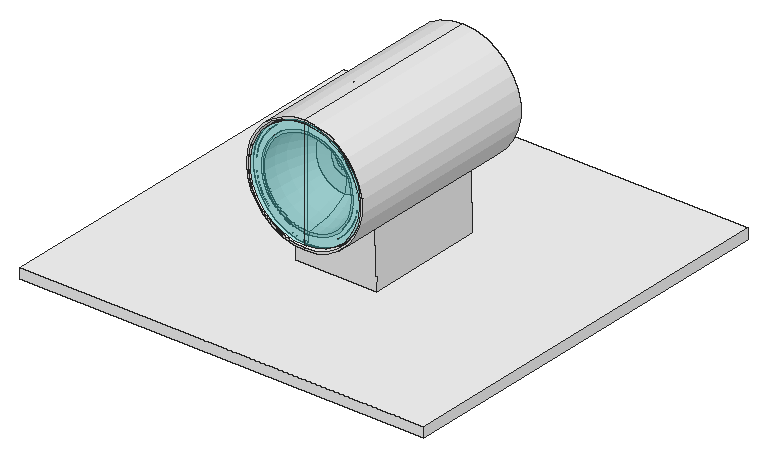
Revit family "BE_24728_de_DE", category Leuchten, Revit 2020
Family settings
  Basisbauteil = Fläche
  Bemaßung runder Anschluss = Durchmesser verwenden
  Teiletyp = Normal
  Beim Laden mit Abzugskörper schneiden = Ja
  Lichtquelle = Ja
  Gemeinsam genutzt = Nein
  Raumberechnungspunkt = Ja
Parameters (values of type "BEGA_24728_Weiß_K4")
  built-in parameter 1150104 = 17.198 (stored number, unit not read)
  Wattage = 8.4 W
  Default Elevation = 0 mm
  built-in parameter 1150113 = 1 (stored number, unit not read)
  built-in parameter 1114218 = 1 (stored number, unit not read)
  Umgebungstemperatur = "25 °C"
  URL = "https://www.bega.com/de/produkt/24728"
  Typenkommentare = "© 2022 BEGA. Wir behalten uns das Recht vor, technische Änderungen ohne vorherige Ankündigung vorzunehmen."  # constant formula
  built-in parameter 1150134 = 12
  built-in parameter 1150109 = 1 (stored number, unit not read)
  Strom = ""
  built-in parameter 1150110 = 1 (stored number, unit not read)
  Spannung = 239.996 V
  Sonderanfertigung = no
  Seriennummer [instance] = "Hier können Sie die eindeutige Seriennummer für das Facility Management eintragen."
  Schutzklasse = "I"
  Schutzart = "IP 65"
  Scheinlast = 0 VA
  Produktdatenblatt = "https://cdn.bega.com/bega/products/24728WK4/current/documents/data-sheets/de"
  Oberflächentemperatur = ""
  Neigungswinkel = 0.00°
  Modell = "24728WK4"
  Material_17 = BEGA_Reflektor
  Material_15 = BEGA_Leuchtmedium_matt
  Material_09 = BEGA_Glas_klar
  Material_06 = BEGA_Oberfläche_Edelstahl_gebürstet
  Material_04 = BEGA_Kunststoff_Grafit_matt
  Material_03 = BEGA_Oberfläche_Weiss_matt
  Material_02 = BEGA_Oberfläche_Silber_matt
  Material_01 [instance] = BEGA_Oberfläche_Grafit_matt
  M_W = yes
  M_G = no
  M_A = no
  Logo = 0
  built-in parameter 1114217 = 1 (stored number, unit not read)
  built-in parameter 1150139 = (empty or 0)
  built-in parameter 1150105 = 123.74 (stored number, unit not read)
  built-in parameter 1150114 = 1 (stored number, unit not read)
  Lumens = 1555.01 lm
  built-in parameter 1150115 = 1 (stored number, unit not read)
  Leuchtenlichtstrom = "1098 lm"
  Leuchtenanzahl = ""
  Lebensdauerkriterien = "L70B50 @ 25 °C = 115000 h"
  Lastklassifizierung = Beleuchtung
  built-in parameter 1150112 = 1 (stored number, unit not read)
  Lampenlichtstrom = "1555 lm"
  Lampe = "LED 8.4 W"
  LED_Modulbezeichnung = "LED-1145/840"
  built-in parameter 1150142 = (empty or 0)
  Hersteller = "BEGA"  # constant formula
  Halbstreuwinkel = ""
  Gewicht = "2.3 kg"
  Gebrauchslageneinschränkung [instance] = ""
  Frequenz = "0/50-60 Hz"
  Farbwiedergabeindex = "CRI > 80"
  Farbtemperaturverschiebung bei Dämpfen der Lampe = <Keine Auswahl>
  Farbtemperatur = "4000 K"
  Color Filter = 16777215
  built-in parameter 1150133 = 10 (stored number, unit not read)
  Energieeffizienzklasse = "LED A++ - A"
  built-in parameter 1150137 = (empty or 0)
  built-in parameter 1150132 = (empty or 0)
  ENEC = ""
  Dimmbar [instance] = ""
  Datei für fotometrisches Netz = "BE_24728K4.IES"
  CE_Konformität = "ja"
  Bestellnummer = "24728WK4"
  Beschreibung_Sonderanfertigung = "Hier können Sie Informationen zur Sonderanfertigung eintragen."
  Beschreibung = "Wandleuchte"
  built-in parameter 1150106 = 1.2374 (stored number, unit not read)
  Befestigungsbohrung = "Ø 4,4 mm"
  Befestigungsabstand = "60 x 95 mm"
  Ballwurfsicher = ""
  Anschlussleitung = ""
  Anschlussleistung [instance] = "10 W"
  Anschlusskasten = ""
  built-in parameter 1150107 = 4000 (stored number, unit not read)
  built-in parameter 1150102 = (empty or 0)
  built-in parameter 1150138 = (empty or 0)
  Aktualisierung = "2022-05-23T04:00:08"
  Abstand_zur_angestrahlten_Fläche [instance] = ""
  AC/DC = "AC/DC"
Types (6, lengths in mm): name | built-in parameter 1150104 | built-in parameter 1150134 | Modell | M_W | M_G | M_A | built-in parameter 1150105 | Lumens | Leuchtenlichtstrom | Lampenlichtstrom | LED_Modulbezeichnung | Farbtemperatur | Datei für fotometrisches Netz | Bestellnummer | built-in parameter 1150106 | built-in parameter 1150107
  BEGA_24728_Weiß_K4 | 17.198 (stored number, unit not read) | 12 | "24728WK4" | yes | no | no | 123.74 (stored number, unit not read) | 1555.01 lm | "1098 lm" | "1555 lm" | "LED-1145/840" | "4000 K" | "BE_24728K4.IES" | "24728WK4" | 1.2374 (stored number, unit not read) | 4000 (stored number, unit not read)
  BEGA_24728_Grafit_K3 | 16.369 (stored number, unit not read) | (empty or 0) | "24728K3" | no | yes | no | 117.77 (stored number, unit not read) | 1480 lm | "1045 lm" | "1480 lm" | "LED-1145/830" | "3000 K" | "BE_24728K3.IES" | "24728K3" | 1.1777 (stored number, unit not read) | 3000 (stored number, unit not read)
  BEGA_24728_Weiß_K3 | 16.369 (stored number, unit not read) | (empty or 0) | "24728WK3" | yes | no | no | 117.77 (stored number, unit not read) | 1480 lm | "1045 lm" | "1480 lm" | "LED-1145/830" | "3000 K" | "BE_24728K3.IES" | "24728WK3" | 1.1777 (stored number, unit not read) | 3000 (stored number, unit not read)
  BEGA_24728_Grafit_K4 | 17.198 (stored number, unit not read) | 12 | "24728K4" | no | yes | no | 123.74 (stored number, unit not read) | 1555.01 lm | "1098 lm" | "1555 lm" | "LED-1145/840" | "4000 K" | "BE_24728K4.IES" | "24728K4" | 1.2374 (stored number, unit not read) | 4000 (stored number, unit not read)
  BEGA_24728_Silber_K3 | 16.369 (stored number, unit not read) | (empty or 0) | "24728AK3" | no | no | yes | 117.77 (stored number, unit not read) | 1480 lm | "1045 lm" | "1480 lm" | "LED-1145/830" | "3000 K" | "BE_24728K3.IES" | "24728AK3" | 1.1777 (stored number, unit not read) | 3000 (stored number, unit not read)
  BEGA_24728_Silber_K4 | 17.198 (stored number, unit not read) | 12 | "24728AK4" | no | no | yes | 123.74 (stored number, unit not read) | 1555.01 lm | "1098 lm" | "1555 lm" | "LED-1145/840" | "4000 K" | "BE_24728K4.IES" | "24728AK4" | 1.2374 (stored number, unit not read) | 4000 (stored number, unit not read)
Reference planes
  plane 1 "Mitte (Vorne/Hinten)": y = 0
  plane 2: z = 0
  plane 3 "Mitte (Links/Rechts)": x = 0
  plane 4 "Links": x = -57.492
  plane 5 "Rechts": x = 57.492
  plane 6 "Unten": y = -97.7
  plane 7 "Oben": y = 97.5
  plane 8 "Vorne": z = 156.092
  plane 9 "Hinten": z = 0
Forms (mm)
  Extrusion 1, solid, material "BEGA_Platte_Weiss"
    sketch origin (0, -1119.2, 0) x (1, 0, 0) y (0, 1, 0)
      loop
        line (-200, 1319.2) -> (-200, 919.2) -> (200, 919.2) -> (200, 1319.2) -> (-200, 1319.2)
    from 0 to -10
  Extrusion 2, solid, material "BEGA_Dummy_matt", not visible
    sketch origin (80.095, -76.023, 0) x (1, 0, 0) y (0, 1, 0)
      loop
        line (-137.588, 173.523) -> (-137.588, -21.677) -> (-22.603, -21.677) -> (-22.603, 173.523) -> (-137.588, 173.523)
    from 0 to 156.092
Dimensions and locks
  plane 1 "Mitte (Vorne/Hinten)" to Extrusion 1 = 200 mm
  aligned and locked: Extrusion 1 to plane 2
  aligned and locked: level to Extrusion 1
Nested families
  nested 1: "BE_24728" at (0, 0, 0), type "BE_24728"
Connectors
  electrical at (0, 0, 0), driven by "Lastklassifizierung", driven by "Spannung", driven by "Scheinlast"
    settings: index 1, voltage 239.996 V, apparent load 0 VA, apparent load phase1 0 VA, apparent load phase2 0 VA, apparent load phase3 0 VA, power factor 1, load classification "Beleuchtung", number of poles 1, system type 31, power factor state 1, is connector primary yes, connector utility no, sub classification motor no, connector description ""
Definition of nested family "BE_24728"
  Parameters (values of type "BE_24728")
    Default Elevation = 1 mm
    URL = "http://www.bega.de/de/produkt"
    Type Comments = "© 2015 BEGA. Wir behalten uns das Recht vor, technische Änderungen ohne vorherige Ankündigung vorzunehmen. "  # constant formula
    Type Image = (empty or 0)
    Material_17 = none
    Material_15 = none
    Material_09 = none
    Material_04 = none
    Material_03 = none
    Material_02 = none
    Material_01 = none
    M_W = yes
    M_G = yes
    M_A = yes
    Länge_Platte = 200 mm  # constant formula
    Höhe_Platte = -10 mm  # constant formula
    Manufacturer = "BEGA"  # constant formula
    Breite_Platte = 200 mm  # constant formula
    Befestigungsabstand = ""
  Reference planes
    plane 1 "Mitte (Oben/Unten)": y = 0
    plane 2: z = 0
    plane 3 "Mitte (Links/Rechts)": x = 0
    plane 4: x = 57.492
    plane 5: y = -97.7
    plane 6: x = -57.492
    plane 7: z = 156.092
    plane 8: y = 97.5
  Forms (mm)
    Extrusion 1, solid, detail levels medium
      sketch origin (0, 0, 0) x (1, 0, 0) y (0, 1, 0)
        loop
          line (-100, 100) -> (-100, -100) -> (100, -100) -> (100, 100) -> (-100, 100)
      from 0 to -10 <- "Höhe_Platte"
    Revolve 2, solid, material <- "Material_01", visible <- "M_G"
      sketch origin (0, 0, 0) x (0, -1, 0) y (0, 0, 1)
        loop
          line (-97.5, 156.1) -> (-97.5, 98.6) -> (-93.6, 98.6) -> (-93.6, 150.093) -> (0, 146.824) -> (93.6, 150.093) -> (93.6, 153.062) -> (97.5, 154.482) -> (97.5, 156.1) -> (-97.5, 156.1)
        axis (97.5, 98.6) -> (-97.5, 98.6)
      angle from 0 to 360
    Extrusion 3, solid, material <- "Material_01", visible <- "M_G"
      sketch origin (0, 0, 0) x (1, 0, 0) y (0, 0, 1)
        loop
          line (-40, 1.3) -> (-36.849, 1.3) -> (-36.883, 0) -> (36.883, 0) -> (36.849, 1.3) -> (40, 1.3) -> (38.569, 55.954)
          arc (38.569, 55.954) -> (0, 41.1) -> (-38.569, 55.954) r 57.5
          line (-38.569, 55.954) -> (-40, 1.3)
      from -59 to 59
    Revolve 4, solid, material <- "Material_09"
      sketch origin (0, 0, 0) x (0, -1, 0) y (0, 0, 1)
        loop
          line (93.7, 152.6) -> (93.7, 98.6) -> (97.7, 98.6) -> (97.7, 152.6) -> (93.7, 152.6)
        axis (97.7, 98.6) -> (93.7, 98.6)
      angle from 0 to 360
    Revolve 5, solid, material <- "Material_17"
      sketch origin (0, 0, 0) x (0, -1, 0) y (0, 0, 1)
        loop
          line (93.3, 141.606) -> (93.3, 147.558) -> (92.1, 147.6) -> (92.1, 143.105)
          arc (92.1, 143.105) -> (68.562, 139.365) -> (47.619, 127.99) r 70.449
          line (47.619, 127.99) -> (45.1, 113.705) -> (45.1, 108.6) -> (46.305, 108.642) -> (46.305, 113.626) -> (48.728, 127.369)
          arc (48.728, 127.369) -> (69.719, 138.542) -> (93.3, 141.606) r 66.421
        axis (93.3, 98.6) -> (45.1, 98.6)
      angle from 0 to 360
    Revolve 6, solid, material <- "Material_15"
      sketch origin (0, 0, 0) x (0, -1, 0) y (0, 0, 1)
        loop
          line (42, 113.5) -> (42, 98.6) -> (43.55, 98.6) -> (43.55, 113.5) -> (42, 113.5)
        axis (43.55, 98.6) -> (42, 98.6)
      angle from 0 to 360
    Revolve 7, solid, material <- "Material_02", visible <- "M_A"
      sketch origin (0, 0, 0) x (0, -1, 0) y (0, 0, 1)
        loop
          line (-97.5, 156.1) -> (-97.5, 98.6) -> (-93.6, 98.6) -> (-93.6, 150.093) -> (0, 146.824) -> (93.6, 150.093) -> (93.6, 153.062) -> (97.5, 154.482) -> (97.5, 156.1) -> (-97.5, 156.1)
        axis (97.5, 98.6) -> (-97.5, 98.6)
      angle from 0 to 360
    Revolve 8, solid, material <- "Material_03", visible <- "M_W"
      sketch origin (0, 0, 0) x (0, -1, 0) y (0, 0, 1)
        loop
          line (-97.5, 156.1) -> (-97.5, 98.6) -> (-93.6, 98.6) -> (-93.6, 150.093) -> (0, 146.824) -> (93.6, 150.093) -> (93.6, 153.062) -> (97.5, 154.482) -> (97.5, 156.1) -> (-97.5, 156.1)
        axis (97.5, 98.6) -> (-97.5, 98.6)
      angle from 0 to 360
    Extrusion 9, solid, material <- "Material_02", visible <- "M_A"
      sketch origin (0, 0, 0) x (1, 0, 0) y (0, 0, 1)
        loop
          line (-40, 1.3) -> (-36.849, 1.3) -> (-36.883, 0) -> (36.883, 0) -> (36.849, 1.3) -> (40, 1.3) -> (38.569, 55.954)
          arc (38.569, 55.954) -> (0, 41.1) -> (-38.569, 55.954) r 57.5
          line (-38.569, 55.954) -> (-40, 1.3)
      from -59 to 59
    Extrusion 10, solid, material <- "Material_03", visible <- "M_W"
      sketch origin (0, 0, 0) x (1, 0, 0) y (0, 0, 1)
        loop
          line (-40, 1.3) -> (-36.849, 1.3) -> (-36.883, 0) -> (36.883, 0) -> (36.849, 1.3) -> (40, 1.3) -> (38.569, 55.954)
          arc (38.569, 55.954) -> (0, 41.1) -> (-38.569, 55.954) r 57.5
          line (-38.569, 55.954) -> (-40, 1.3)
      from -59 to 59
    Extrusion 11, void
      sketch origin (0, 0, 0) x (1, 0, 0) y (0, 1, 0)
        loop
          circle (-17.5, -22.5) r 5.096
        loop
          circle (17.5, -22.5) r 5.096
        loop
          line (-33.215, 49.478) -> (-33.215, 45.478)
          arc (-33.215, 45.478) -> (-30.989, 43.285) -> (-28.785, 45.5) r 2.215
          line (-28.785, 45.5) -> (-28.784, 49.5)
          arc (-28.784, 49.5) -> (-31.011, 51.715) -> (-33.215, 49.478) r 2.215
        loop
          arc (26.988, -45.285) -> (24.785, -47.506) -> (27, -49.715) r 2.215
          line (27, -49.715) -> (31, -49.715)
          arc (31, -49.715) -> (33.215, -47.494) -> (30.988, -45.285) r 2.215
          line (30.988, -45.285) -> (26.988, -45.285)
      from 0 to 13.138
    Extrusion 12, void
      sketch origin (0, 0, 0) x (0, 1, 0) y (0, 0, 1)
        loop
          line (59, 1.3) -> (56, 1.3) -> (56, 0) -> (59, 0) -> (59, 1.3)
        loop
          line (-59, 1.3) -> (-59, 0) -> (-56, 0) -> (-56, 1.3) -> (-59, 1.3)
      from -55.842 to 50.397
    Revolve 13, solid, material <- "Material_01", visible <- "M_G"
      sketch origin (0, 0, 0) x (0, 1, 0) y (0, 0, 1)
        loop
          line (-93.7, 152.6) -> (-93.7, 144.1) -> (-92.9, 144.1) -> (-92.9, 152.6) -> (-93.7, 152.6)
        axis (-93.7, 98.6) -> (-92.7, 98.6)
      angle from 0 to 360
    Revolve 14, solid, material <- "Material_02", visible <- "M_A"
      sketch origin (0, 0, 0) x (0, 1, 0) y (0, 0, 1)
        loop
          line (-93.7, 152.6) -> (-93.7, 144.1) -> (-92.9, 144.1) -> (-92.9, 152.6) -> (-93.7, 152.6)
        axis (-93.7, 98.6) -> (-92.7, 98.6)
      angle from 0 to 360
    Revolve 15, solid, material <- "Material_03", visible <- "M_W"
      sketch origin (0, 0, 0) x (0, 1, 0) y (0, 0, 1)
        loop
          line (-93.7, 152.6) -> (-93.7, 144.1) -> (-92.9, 144.1) -> (-92.9, 152.6) -> (-93.7, 152.6)
        axis (-93.7, 98.6) -> (-92.7, 98.6)
      angle from 0 to 360
  Cuts and joins
    Extrusion 11 cuts Revolve 2
    Extrusion 11, Extrusion 12 cuts Extrusion 3
    Extrusion 11 cuts Revolve 7
    Extrusion 11 cuts Revolve 8
    Extrusion 11, Extrusion 12 cuts Extrusion 9
    Extrusion 11, Extrusion 12 cuts Extrusion 10
  Dimensions and locks
    equal spacing: Extrusion 1 sketch curve, plane 3 "Mitte (Links/Rechts)", Extrusion 1 sketch curve
    equal spacing: Extrusion 1 sketch curve, plane 1 "Mitte (Oben/Unten)", Extrusion 1 sketch curve
    "Länge_Platte": Extrusion 1 sketch curve to Extrusion 1 sketch curve
    "Breite_Platte": Extrusion 1 sketch curve to Extrusion 1 sketch curve
    aligned and locked: Extrusion 1 to plane 2
    aligned and locked: level to Extrusion 1
  Automatic sketch dimensions
    Extrusion 3 sketch curve to level = 0 mm
    level to Extrusion 3 sketch curve = 1.3 mm  (x2)
    level to Extrusion 3 sketch curve = 55.954 mm  (x2)
    Extrusion 3 sketch curve to Extrusion 3 sketch curve = 1.431 mm
    Extrusion 3 sketch curve to Extrusion 3 sketch curve = 3.117 mm
    Extrusion 3 sketch curve to Extrusion 3 sketch curve = 0.034 mm  (x2)
    Extrusion 3 sketch curve to Extrusion 3 sketch curve = 38.569 mm
    Extrusion 3 sketch curve to Extrusion 3 sketch curve = 73.698 mm
    Extrusion 3 sketch curve to Extrusion 3 sketch curve = 3.151 mm
    Extrusion 3 sketch curve to Extrusion 3 sketch curve = 42.646 mm
    Revolve 4 sketch curve to plane 1 "Mitte (Oben/Unten)" = 93.7 mm
    Revolve 4 sketch curve to Revolve 4 sketch curve = 4 mm
    Revolve 4 sketch curve to level = 98.6 mm
    Revolve 4 sketch curve to Revolve 4 sketch curve = 54 mm
    Revolve 4 sketch curve to plane 1 "Mitte (Oben/Unten)" = 43.1 mm
    Revolve 4 sketch curve to Revolve 4 sketch curve = 1.6 mm
    Revolve 4 sketch curve to Revolve 4 sketch curve = 0 mm
    Revolve 5 sketch curve to plane 1 "Mitte (Oben/Unten)" = 45.1 mm
    Revolve 5 sketch curve to Revolve 5 sketch curve = 1.205 mm
    Revolve 5 sketch curve to Revolve 5 sketch curve = 1.314 mm
    Revolve 5 sketch curve to Revolve 5 sketch curve = 1.109 mm
    Revolve 5 sketch curve to Revolve 5 sketch curve = 43.625 mm
    Revolve 5 sketch curve to Revolve 5 sketch curve = 1.299 mm
    Revolve 5 sketch curve to Revolve 5 sketch curve = 43.372 mm
    Revolve 5 sketch curve to Revolve 5 sketch curve = 1.2 mm
    Revolve 5 sketch curve to level = 72.662 mm
    Revolve 5 sketch curve to Revolve 5 sketch curve = 2.609 mm
    Revolve 5 sketch curve to Revolve 5 sketch curve = 33.329 mm
    Revolve 5 sketch curve to Revolve 5 sketch curve = 0.042 mm  (x2)
    Revolve 5 sketch curve to Revolve 5 sketch curve = 4.984 mm
    Revolve 5 sketch curve to Revolve 5 sketch curve = 0.079 mm
    Revolve 5 sketch curve to Revolve 5 sketch curve = 13.743 mm
    Revolve 5 sketch curve to Revolve 5 sketch curve = 0.621 mm
    Revolve 5 sketch curve to Revolve 5 sketch curve = 4.453 mm
    Revolve 5 sketch curve to Revolve 5 sketch curve = 2 mm
    Revolve 5 sketch curve to Revolve 5 sketch curve = 5.37 mm
    Revolve 5 sketch curve to Revolve 5 sketch curve = 23.329 mm
    Revolve 6 sketch curve to plane 1 "Mitte (Oben/Unten)" = 42 mm
    Revolve 6 sketch curve to Revolve 6 sketch curve = 1.55 mm
    Revolve 6 sketch curve to level = 98.6 mm
    Revolve 6 sketch curve to Revolve 6 sketch curve = 14.9 mm
    Revolve 6 sketch curve to Revolve 6 sketch curve = 0.45 mm
    Revolve 6 sketch curve to Revolve 6 sketch curve = 51.75 mm
    Revolve 6 sketch curve to Revolve 6 sketch curve = 0 mm
    Extrusion 9 sketch curve to level = 0 mm
    level to Extrusion 9 sketch curve = 1.3 mm  (x2)
    level to Extrusion 9 sketch curve = 55.954 mm  (x2)
    Extrusion 9 sketch curve to Extrusion 9 sketch curve = 1.431 mm
    Extrusion 9 sketch curve to Extrusion 9 sketch curve = 3.117 mm
    Extrusion 9 sketch curve to Extrusion 9 sketch curve = 0.034 mm  (x2)
    Extrusion 9 sketch curve to Extrusion 9 sketch curve = 38.569 mm
    Extrusion 9 sketch curve to Extrusion 9 sketch curve = 73.698 mm
    Extrusion 9 sketch curve to Extrusion 9 sketch curve = 3.151 mm
    Extrusion 9 sketch curve to Extrusion 9 sketch curve = 42.646 mm
    Extrusion 10 sketch curve to level = 0 mm
    level to Extrusion 10 sketch curve = 1.3 mm  (x2)
    level to Extrusion 10 sketch curve = 55.954 mm  (x2)
    Extrusion 10 sketch curve to Extrusion 10 sketch curve = 1.431 mm
    Extrusion 10 sketch curve to Extrusion 10 sketch curve = 3.117 mm
    Extrusion 10 sketch curve to Extrusion 10 sketch curve = 0.034 mm  (x2)
    Extrusion 10 sketch curve to Extrusion 10 sketch curve = 38.569 mm
    Extrusion 10 sketch curve to Extrusion 10 sketch curve = 73.698 mm
    Extrusion 10 sketch curve to Extrusion 10 sketch curve = 3.151 mm
    Extrusion 10 sketch curve to Extrusion 10 sketch curve = 42.646 mm
    Extrusion 11 sketch curve to plane 3 "Mitte (Links/Rechts)" = 17.5 mm
    plane 3 "Mitte (Links/Rechts)" to Extrusion 11 sketch curve = 17.5 mm
    plane 1 "Mitte (Oben/Unten)" to Extrusion 11 sketch curve = 22.5 mm  (x2)
    Extrusion 11 sketch curve to plane 3 "Mitte (Links/Rechts)" = 31 mm
    Extrusion 11 sketch curve to Extrusion 11 sketch curve = 2.215 mm  (x4)
    Extrusion 11 sketch curve to plane 1 "Mitte (Oben/Unten)" = 49.5 mm
    Extrusion 11 sketch curve to Extrusion 11 sketch curve = 0.022 mm  (x2)
    Extrusion 11 sketch curve to Extrusion 11 sketch curve = 4 mm  (x2)
    Extrusion 11 sketch curve to Extrusion 11 sketch curve = 0 mm  (x8)
    Extrusion 11 sketch curve to Extrusion 11 sketch curve = 13.5 mm
    Extrusion 11 sketch curve to Extrusion 11 sketch curve = 0.012 mm  (x2)
    Extrusion 11 sketch curve to Extrusion 11 sketch curve = 22.785 mm
    Extrusion 12 sketch curve to level = 0 mm  (x2)
    level to Extrusion 12 sketch curve = 1.3 mm  (x2)
    plane 5 to Extrusion 12 sketch curve = 38.7 mm
    Extrusion 12 sketch curve to Extrusion 12 sketch curve = 3 mm  (x2)
    Revolve 8 sketch curve to plane 1 "Mitte (Oben/Unten)" = 0 mm
    plane 7 to Revolve 8 sketch curve = 0.008 mm
    plane 5 to Revolve 8 sketch curve = 4.1 mm
    plane 5 to Revolve 8 sketch curve = 0.2 mm
    Revolve 8 sketch curve to plane 7 = 1.61 mm
    Revolve 8 sketch curve to plane 7 = 3.03 mm
    Revolve 8 sketch curve to plane 7 = 5.999 mm
    Revolve 8 sketch curve to Revolve 8 sketch curve = 2.969 mm
    Revolve 8 sketch curve to plane 7 = 9.267 mm
    plane 5 to Revolve 8 sketch curve = 2.4 mm
    Revolve 8 sketch curve to Revolve 8 sketch curve = 51.493 mm  (x2)
    Revolve 7 sketch curve to plane 1 "Mitte (Oben/Unten)" = 0 mm
    plane 5 to Revolve 7 sketch curve = 4.1 mm
    plane 7 to Revolve 7 sketch curve = 0.008 mm
    plane 5 to Revolve 7 sketch curve = 0.2 mm
    Revolve 7 sketch curve to plane 7 = 1.61 mm
    Revolve 7 sketch curve to plane 7 = 3.03 mm
    Revolve 7 sketch curve to plane 7 = 5.999 mm
    Revolve 7 sketch curve to Revolve 7 sketch curve = 2.969 mm
    Revolve 7 sketch curve to plane 7 = 9.267 mm
    Revolve 7 sketch curve to Revolve 7 sketch curve = 51.493 mm  (x2)
    plane 1 "Mitte (Oben/Unten)" to Revolve 7 sketch curve = 43.1 mm
    plane 5 to Revolve 7 sketch curve = 2.4 mm
    Revolve 2 sketch curve to plane 1 "Mitte (Oben/Unten)" = 0 mm
    plane 5 to Revolve 2 sketch curve = 4.1 mm
    plane 7 to Revolve 2 sketch curve = 0.008 mm
    plane 5 to Revolve 2 sketch curve = 0.2 mm
    Revolve 2 sketch curve to plane 7 = 1.61 mm
    Revolve 2 sketch curve to plane 7 = 3.03 mm
    Revolve 2 sketch curve to plane 7 = 5.999 mm
    Revolve 2 sketch curve to Revolve 2 sketch curve = 2.969 mm
    Revolve 2 sketch curve to plane 7 = 9.267 mm
    Revolve 2 sketch curve to Revolve 2 sketch curve = 51.493 mm  (x2)
    plane 1 "Mitte (Oben/Unten)" to Revolve 2 sketch curve = 43.1 mm
    plane 5 to Revolve 2 sketch curve = 2.4 mm
    Revolve 2 sketch curve to plane 1 "Mitte (Oben/Unten)" = 93.6 mm
    Revolve 2 sketch curve to Revolve 2 sketch curve = 3.9 mm
    Revolve 7 sketch curve to plane 1 "Mitte (Oben/Unten)" = 93.6 mm
    Revolve 7 sketch curve to Revolve 7 sketch curve = 3.9 mm
    Revolve 8 sketch curve to plane 1 "Mitte (Oben/Unten)" = 93.6 mm
    Revolve 8 sketch curve to Revolve 8 sketch curve = 3.9 mm
    Revolve 8 sketch curve to Revolve 8 sketch curve = 7.2 mm
    Extrusion 12 sketch curve to plane 1 "Mitte (Oben/Unten)" = 56 mm
    Revolve 13 sketch curve to plane 5 = 0 mm
    plane 5 to Revolve 13 sketch curve = 4 mm
    Revolve 13 sketch curve to Revolve 13 sketch curve = 0.8 mm
    Revolve 13 sketch curve to plane 7 = 11.992 mm
    Revolve 13 sketch curve to plane 7 = 3.492 mm
    Revolve 13 sketch curve to Revolve 13 sketch curve = 4 mm
    Revolve 13 sketch curve to Revolve 13 sketch curve = 45.5 mm
    Revolve 14 sketch curve to plane 5 = 0 mm
    plane 5 to Revolve 14 sketch curve = 4 mm
    Revolve 14 sketch curve to Revolve 14 sketch curve = 0.8 mm
    Revolve 14 sketch curve to plane 7 = 11.992 mm
    Revolve 14 sketch curve to plane 7 = 3.492 mm
    Revolve 14 sketch curve to Revolve 14 sketch curve = 4 mm
    Revolve 14 sketch curve to Revolve 14 sketch curve = 45.5 mm
    Revolve 15 sketch curve to plane 5 = 0 mm
    plane 5 to Revolve 15 sketch curve = 4 mm
    Revolve 15 sketch curve to Revolve 15 sketch curve = 0.8 mm
    Revolve 15 sketch curve to plane 7 = 11.992 mm
    Revolve 15 sketch curve to plane 7 = 3.492 mm
    Revolve 15 sketch curve to Revolve 15 sketch curve = 4 mm
    Revolve 15 sketch curve to Revolve 15 sketch curve = 45.5 mm
    radius of Extrusion 11 sketch curve = 5.096 mm  (x2)
